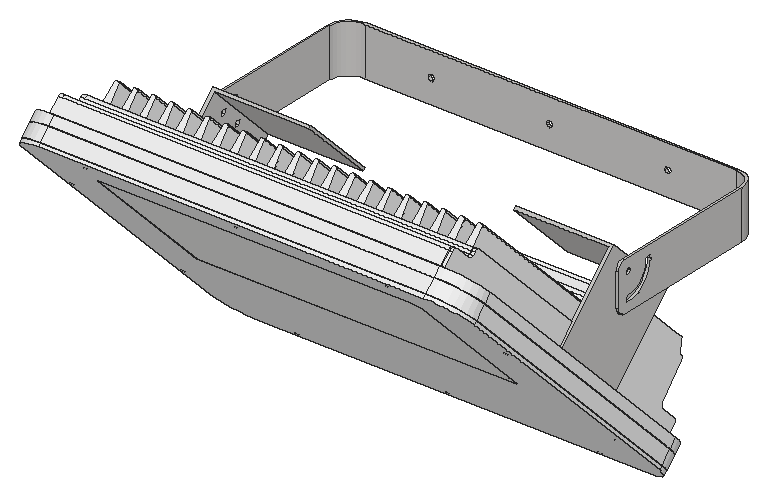
Revit family "FT ATEX LED MAX_2021", category Luminarias, Revit 2021 (continued)
Types (12, lengths in mm): name | Wattage | Power | Position | Archivo de red fotométrica | built-in parameter 1150142 | Modules | Lumens | built-in parameter 1150105 | built-in parameter 1150106 | Equiv MH
    12.49\t7204.23\t6419.625\t5636.445\t4819.635\t4048.995\t3221.925\t2373.48\t1482.57\r\n714.78\t368.22\t270.18\t225.435\t203.775\t183.255\t173.565\t157.89\t143.07\t133.665\r\n126.54\t119.13\t111.72\t103.17\t98.04\t94.62\t0\t0\t0\t0\r\n0\t0\t0\t0\t0\t0\t0\t0\t0\t0\r\n0\t0\t0\t0\t0\t0\t0\t0\t0\t0\r\n0\t0\t0\t0\t0\t0\t0\t0\t0\t0\r\n0\t0\t0\t0\t0\t0\t0\t0\t0\t0\r\n0\r\n16498.365\t16568.76\t16596.975\t16598.4\t16539.975\t16437.375\t16280.34\t16071.435\t15793.845\t15394.56\r\n14896.95\t14332.365\t13686.555\t12946.695\t12281.22\t11675.025\t11109.3\t10565.235\t10015.755\t9425.52\r\n8744.37\t7999.095\t7196.535\t6409.08\t5625.615\t4789.14\t4037.88\t3215.94\t2360.655\t1502.52\r\n726.75\t375.06\t277.02\t230.28\t207.48\t190.095\t186.675\t159.315\t145.35\t136.8\r\n128.82\t120.84\t113.715\t105.45\t99.75\t96.045\t0\t0\t0\t0\r\n0\t0\t0\t0\t0\t0\t0\t0\t0\t0\r\n0\t0\t0\t0\t0\t0\t0\t0\t0\t0\r\n0\t0\t0\t0\t0\t0\t0\t0\t0\t0\r\n0\t0\t0\t0\t0\t0\t0\t0\t0\t0\r\n0\r\n16497.795\t16570.755\t16600.11\t16598.115\t16537.41\t16442.22\t16289.175\t16083.12\t15788.145\t15394.56\r\n14901.795\t14351.745\t13703.37\t12976.335\t12309.72\t11702.1\t11135.805\t10592.025\t10034.565\t9450.315\r\n8756.055\t8025.6\t7224.18\t6415.635\t5653.26\t4815.645\t4063.815\t3251.85\t2399.415\t1539.57\r\n764.94\t384.465\t281.01\t233.13\t210.045\t192.09\t189.525\t158.745\t143.355\t135.09\r\n126.825\t119.13\t110.58\t103.17\t97.185\t94.62\t0\t0\t0\t0\r\n0\t0\t0\t0\t0\t0\t0\t0\t0\t0\r\n0\t0\t0\t0\t0\t0\t0\t0\t0\t0\r\n0\t0\t0\t0\t0\t0\t0\t0\t0\t0\r\n0\t0\t0\t0\t0\t0\t0\t0\t0\t0\r\n0\r\n16502.925\t16574.745\t16598.4\t16587.57\t16524.3\t16426.545\t16272.645\t16059.75\t15758.79\t15357.51\r\n14860.755\t14316.975\t13666.605\t12949.26\t12290.91\t11685.855\t11122.41\t10568.37\t10010.625\t9410.13\r\n8738.385\t8023.035\t7210.785\t6402.525\t5615.925\t4791.705\t4031.04\t3227.91\t2372.625\t1516.77\r\n750.405\t365.085\t274.74\t231.135\t207.195\t190.095\t181.545\t152.76\t139.365\t131.67\r\n123.405\t115.995\t108.015\t101.175\t94.905\t91.485\t0\t0\t0\t0\r\n0\t0\t0\t0\t0\t0\t0\t0\t0\t0\r\n0\t0\t0\t0\t0\t0\t0\t0\t0\t0\r\n0\t0\t0\t0\t0\t0\t0\t0\t0\t0\r\n0\t0\t0\t0\t0\t0\t0\t0\t0\t0\r\n0\r\n16502.64\t16573.89\t16602.96\t16581.3\t16523.73\t16428.255\t16269.795\t16057.755\t15746.25\t15350.1\r\n14859.33\t14312.985\t13674.015\t12967.785\t12308.01\t11698.965\t11140.365\t10575.495\t10019.745\t9429.795\r\n8748.36\t8030.73\t7231.305\t6419.91\t5631.315\t4823.91\t4052.7\t3266.67\t2411.385\t1552.68\r\n770.07\t348.555\t263.91\t226.29\t202.35\t182.115\t165.015\t143.64\t131.385\t124.26\r\n117.135\t110.295\t103.17\t95.76\t90.06\t88.065\t0\t0\t0\t0\r\n0\t0\t0\t0\t0\t0\t0\t0\t0\t0\r\n0\t0\t0\t0\t0\t0\t0\t0\t0\t0\r\n0\t0\t0\t0\t0\t0\t0\t0\t0\t0\r\n0\t0\t0\t0\t0\t0\t0\t0\t0\t0\r\n0\r\n16500.075\t16568.475\t16595.55\t16572.18\t16508.625\t16409.445\t16247.28\t16028.97\t15711.195\t15301.65\r\n14816.295\t14267.1\t13636.965\t12935.58\t12279.51\t11678.73\t11113.86\t10551.27\t9984.975\t9395.88\r\n8739.525\t8023.035\t7205.085\t6388.275\t5594.835\t4797.69\t4021.065\t3239.025\t2384.31\t1544.415\r\n747.555\t325.47\t249.945\t219.165\t196.365\t171.855\t148.485\t135.375\t127.11\t120.555\r\n114.57\t108.3\t101.745\t94.62\t88.635\t85.215\t0\t0\t0\t0\r\n0\t0\t0\t0\t0\t0\t0\t0\t0\t0\r\n0\t0\t0\t0\t0\t0\t0\t0\t0\t0\r\n0\t0\t0\t0\t0\t0\t0\t0\t0\t0\r\n0\t0\t0\t0\t0\t0\t0\t0\t0\t0\r\n0\r\n16499.79\t16568.76\t16596.975\t16576.74\t16509.48\t16409.445\t16251.27\t16031.535\t15718.32\t15301.65\r\n14812.02\t14264.82\t13636.68\t12940.14\t12290.055\t11686.425\t11123.55\t10564.665\t10000.365\t9421.245\r\n8750.07\t8038.14\t7232.16\t6405.66\t5621.91\t4824.48\t4048.71\t3272.085\t2415.375\t1586.595\r\n782.895\t321.765\t244.53\t215.745\t193.8\t167.295\t142.215\t131.67\t124.26\t117.99\r\n112.29\t105.735\t98.895\t91.77\t87.21\t84.645\t0\t0\t0\t0\r\n0\t0\t0\t0\t0\t0\t0\t0\t0\t0\r\n0\t0\t0\t0\t0\t0\t0\t0\t0\t0\r\n0\t0\t0\t0\t0\t0\t0\t0\t0\t0\r\n0\t0\t0\t0\t0\t0\t0\t0\t0\t0\r\n0\r\n16500.36\t16570.185\t16600.11\t16570.755\t16500.93\t16386.36\t16233.885\t16009.875\t15696.09\t15265.74\r\n14768.7\t14223.78\t13575.975\t12884.28\t12241.89\t11640.255\t11089.065\t10529.61\t9962.46\t9382.77\r\n8738.67\t8018.475\t7209.075\t6386.565\t5605.95\t4809.66\t4010.235\t3236.745\t2379.18\t1562.94\r\n772.92\t320.055\t243.105\t215.745\t194.37\t169.005\t144.21\t132.81\t125.115\t118.845\r\n112.86\t106.59\t99.75\t93.48\t88.635\t84.645\t0\t0\t0\t0\r\n0\t0\t0\t0\t0\t0\t0\t0\t0\t0\r\n0\t0\t0\t0\t0\t0\t0\t0\t0\t0\r\n0\t0\t0\t0\t0\t0\t0\t0\t0\t0\r\n0\t0\t0\t0\t0\t0\t0\t0\t0\t0\r\n0\r\n16499.22\t16570.755\t16601.535\t16571.61\t16490.67\t16370.685\t16223.34\t16001.61\t15679.275\t15258.33\r\n14751.6\t14196.42\t13551.465\t12868.32\t12226.5\t11639.4\t11087.64\t10536.45\t9973.86\t9391.89\r\n8736.39\t8024.175\t7231.305\t6411.075\t5628.18\t4817.07\t4022.49\t3251.85\t2403.405\t1587.735\r\n809.97\t334.305\t249.09\t218.025\t196.08\t175.845\t151.62\t137.085\t126.54\t119.13\r\n112.86\t106.59\t100.32\t93.765\t89.205\t86.07\t0\t0\t0\t0\r\n0\t0\t0\t0\t0\t0\t0\t0\t0\t0\r\n0\t0\t0\t0\t0\t0\t0\t0\t0\t0\r\n0\t0\t0\t0\t0\t0\t0\t0\t0\t0\r\n0\t0\t0\t0\t0\t0\t0\t0\t0\t0\r\n0\r\n16501.785\t16573.32\t16602.96\t16567.62\t16474.71\t16352.16\t16189.71\t15962.85\t15635.955\t15208.455\r\n14698.305\t14133.72\t13475.94\t12803.34\t12174.915\t11606.625\t11059.425\t10515.36\t9949.35\t9357.405\r\n8722.995\t8007.645\t7219.05\t6416.775\t5630.46\t4799.97\t3995.7\t3211.095\t2356.95\t1542.705\r\n781.185\t338.01\t251.94\t219.735\t198.36\t183.825\t160.455\t143.64\t131.955\t124.83\r\n117.135\t110.865\t104.88\t98.04\t92.91\t90.345\t0\t0\t0\t0\r\n0\t0\t0\t0\t0\t0\t0\t0\t0\t0\r\n0\t0\t0\t0\t0\t0\t0\t0\t0\t0\r\n0\t0\t0\t0\t0\t0\t0\t0\t0\t0\r\n0\t0\t0\t0\t0\t0\t0\t0\t0\t0\r\n0\r\n16493.52\t16562.775\t16593.84\t16559.355\t16464.735\t16330.785\t16152.375\t15922.665\t15598.62\t15175.965\r\n14673.51\t14102.655\t13438.035\t12779.4\t12166.08\t11598.93\t11058\t10521.63\t9960.18\t9379.35\r\n8717.01\t8010.21\t7225.32\t6428.175\t5661.81\t4831.89\t4025.91\t3226.2\t2366.925\t1525.32\r\n775.77\t345.42\t255.645\t220.875\t198.36\t184.68\t165.585\t147.915\t136.23\t129.105\r\n121.125\t114.285\t107.73\t100.32\t94.905\t94.335\t0\t0\t0\t0\r\n0\t0\t0\t0\t0\t0\t0\t0\t0\t0\r\n0\t0\t0\t0\t0\t0\t0\t0\t0\t0\r\n0\t0\t0\t0\t0\t0\t0\t0\t0\t0\r\n0\t0\t0\t0\t0\t0\t0\t0\t0\t0\r\n0\r\n16500.36\t16565.34\t16590.705\t16549.095\t16447.065\t16299.72\t16103.355\t15860.535\t15537.63\t15114.975\r\n14615.085\t14035.965\t13374.765\t12732.945\t12121.335\t11565.3\t11033.205\t10495.41\t9938.52\t9361.11\r\n8710.74\t7998.24\t7217.91\t6433.59\t5666.37\t4828.755\t4015.935\t3189.72\t2305.08\t1442.385\r\n722.19\t335.73\t252.225\t218.595\t196.935\t185.535\t169.005\t150.48\t139.65\t133.095\r\n125.115\t118.275\t111.435\t103.74\t98.04\t98.61\t0\t0\t0\t0\r\n0\t0\t0\t0\t0\t0\t0\t0\t0\t0\r\n0\t0\t0\t0\t0\t0\t0\t0\t0\t0\r\n0\t0\t0\t0\t0\t0\t0\t0\t0\t0\r\n0\t0\t0\t0\t0\t0\t0\t0\t0\t0\r\n0\r\n16498.935\t16559.64\t16583.01\t16537.41\t16430.82\t16268.37\t16062.6\t15811.23\t15491.46\t15062.25\r\n14576.61\t14006.61\t13350.54\t12708.15\t12108.795\t11559.315\t11024.085\t10489.995\t9952.2\t9376.215\r\n8722.425\t8008.215\t7243.275\t6466.65\t5710.83\t4876.92\t4054.125\t3219.645\t2296.815\t1407.33\r\n706.515\t339.15\t253.365\t217.455\t194.94\t178.98\t169.575\t150.195\t139.935\t132.81\r\n124.545\t117.135\t110.01\t102.885\t96.045\t98.895\t0\t0\t0\t0\r\n0\t0\t0\t0\t0\t0\t0\t0\t0\t0\r\n0\t0\t0\t0\t0\t0\t0\t0\t0\t0\r\n0\t0\t0\t0\t0\t0\t0\t0\t0\t0\r\n0\t0\t0\t0\t0\t0\t0\t0\t0\t0\r\n0\r\n16498.935\t16553.085\t16570.47\t16520.88\t16403.175\t16230.465\t16008.45\t15745.965\t15397.98\t14984.445\r\n14497.665\t13934.79\t13292.685\t12653.43\t12062.055\t11515.425\t10985.61\t10454.94\t9914.01\t9340.02\r\n8718.72\t8003.94\t7237.575\t6473.205\t5699.715\t4874.925\t4052.13\t3182.025\t2233.545\t1319.835\r\n658.065\t336.87\t251.085\t214.035\t192.945\t175.845\t167.865\t150.48\t140.505\t133.095\r\n124.83\t117.705\t110.295\t103.17\t97.185\t96.615\t0\t0\t0\t0\r\n0\t0\t0\t0\t0\t0\t0\t0\t0\t0\r\n0\t0\t0\t0\t0\t0\t0\t0\t0\t0\r\n0\t0\t0\t0\t0\t0\t0\t0\t0\t0\r\n0\t0\t0\t0\t0\t0\t0\t0\t0\t0\r\n0\r\n16500.645\t16556.79\t16562.49\t16510.905\t16386.36\t16202.25\t15968.265\t15692.67\t15338.985\t14931.15\r\n14459.19\t13900.305\t13258.2\t12640.605\t12048.66\t11503.74\t10980.48\t10451.235\t9904.89\t9351.42\r\n8718.72\t8012.205\t7256.67\t6496.575\t5726.505\t4918.53\t4101.72\t3218.79\t2249.22\t1305.3\r\n665.76\t347.7\t255.075\t214.32\t191.805\t174.135\t165.015\t149.34\t139.08\t131.385\r\n123.405\t115.71\t107.73\t100.32\t93.765\t94.62\t0\t0\t0\t0\r\n0\t0\t0\t0\t0\t0\t0\t0\t0\t0\r\n0\t0\t0\t0\t0\t0\t0\t0\t0\t0\r\n0\t0\t0\t0\t0\t0\t0\t0\t0\t0\r\n0\t0\t0\t0\t0\t0\t0\t0\t0\t0\r\n0\r\n16498.935\t16547.1\t16545.675\t16490.1\t16356.435\t16158.645\t15914.115\t15627.69\t15268.875\t14859.045\r\n14382.81\t13812.24\t13177.545\t12578.19\t11998.215\t11454.15\t10939.155\t10404.495\t9872.115\t9320.355\r\n8707.89\t7991.97\t7242.42\t6487.74\t5721.375\t4922.805\t4088.895\t3213.66\t2221.005\t1262.55\r\n642.675\t346.275\t254.22\t212.325\t192.09\t173.565\t161.595\t149.91\t139.365\t130.815\r\n123.12\t115.995\t107.73\t100.035\t94.335\t92.34\t0\t0\t0\t0\r\n0\t0\t0\t0\t0\t0\t0\t0\t0\t0\r\n0\t0\t0\t0\t0\t0\t0\t0\t0\t0\r\n0\t0\t0\t0\t0\t0\t0\t0\t0\t0\r\n0\t0\t0\t0\t0\t0\t0\t0\t0\t0\r\n0\r\n16502.355\t16542.54\t16536.27\t16473.57\t16335.63\t16134.705\t15887.895\t15594.915\t15234.39\t14821.425\r\n14340.63\t13764.075\t13131.945\t12539.145\t11983.395\t11451.3\t10930.89\t10408.2\t9876.675\t9326.055\r\n8695.065\t7993.68\t7252.965\t6502.56\t5761.56\t4960.995\t4137.345\t3254.985\t2281.425\t1313.28\r\n658.065\t355.11\t257.355\t214.035\t191.235\t173.28\t158.46\t149.625\t138.225\t130.53\r\n122.265\t114.855\t107.73\t99.18\t93.765\t92.34\t0\t0\t0\t0\r\n0\t0\t0\t0\t0\t0\t0\t0\t0\t0\r\n0\t0\t0\t0\t0\t0\t0\t0\t0\t0\r\n0\t0\t0\t0\t0\t0\t0\t0\t0\t0\r\n0\t0\t0\t0\t0\t0\t0\t0\t0\t0\r\n0\r\n16498.935\t16534.56\t16519.455\t16449.63\t16304.28\t16095.09\t15849.705\t15556.44\t15185.37\t14749.89\r\n14263.11\t13660.62\t13041.315\t12467.61\t11923.545\t11407.41\t10894.98\t10376.28\t9852.165\t9291.855\r\n8678.25\t7974.015\t7237.29\t6487.17\t5743.605\t4950.165\t4115.97\t3237.03\t2270.31\t1327.815\r\n659.49\t348.555\t255.075\t213.75\t191.805\t173.85\t162.45\t150.765\t140.505\t131.67\r\n124.83\t117.99\t110.295\t102.315\t96.045\t93.48\t0\t0\t0\t0\r\n0\t0\t0\t0\t0\t0\t0\t0\t0\t0\r\n0\t0\t0\t0\t0\t0\t0\t0\t0\t0\r\n0\t0\t0\t0\t0\t0\t0\t0\t0\t0\r\n0\t0\t0\t0\t0\t0\t0\t0\t0\t0\r\n0\r\n16502.355\t16527.15\t16504.92\t16428.825\t16278.06\t16070.58\t15835.74\t15543.045\t15168.84\t14723.955\r\n14214.09\t13600.485\t12990.585\t12429.42\t11885.925\t11388.6\t10902.105\t10385.97\t9860.715\t9302.685\r\n8662.29\t7969.455\t7238.43\t6509.685\t5766.69\t4982.085\t4150.17\t3272.37\t2342.985\t1408.47\r\n701.955\t356.82\t257.355\t215.745\t191.235\t173.85\t164.445\t149.34\t139.65\t131.1\r\n123.975\t117.99\t110.865\t103.74\t98.04\t95.19\t0\t0\t0\t0\r\n0\t0\t0\t0\t0\t0\t0\t0\t0\t0\r\n0\t0\t0\t0\t0\t0\t0\t0\t0\t0\r\n0\t0\t0\t0\t0\t0\t0\t0\t0\t0\r\n0\t0\t0\t0\t0\t0\t0\t0\t0\t0\r\n0\r\n16498.65\t16516.035\t16483.83\t16401.465\t16237.59\t16030.68\t15798.69\t15505.14\t15118.965\t14668.95\r\n14125.17\t13496.745\t12898.245\t12358.17\t11847.165\t11349.27\t10862.205\t10361.745\t9831.075\t9267.915\r\n8653.17\t7947.51\t7211.925\t6487.455\t5753.58\t4950.735\t4115.4\t3237.6\t2346.405\t1424.145\r\n709.08\t355.11\t255.075\t215.745\t192.945\t177.27\t168.435\t150.195\t139.935\t131.385\r\n124.26\t118.845\t112.86\t107.16\t101.46\t95.475\t0\t0\t0\t0\r\n0\t0\t0\t0\t0\t0\t0\t0\t0\t0\r\n0\t0\t0\t0\t0\t0\t0\t0\t0\t0\r\n0\t0\t0\t0\t0\t0\t0\t0\t0\t0\r\n0\t0\t0\t0\t0\t0\t0\t0\t0\t0\r\n0\r\n16497.225\t16509.765\t16470.72\t16378.665\t16208.235\t16003.605\t15775.605\t15478.35\t15095.31\t14628.195\r\n14060.19\t13441.455\t12855.78\t12321.69\t11819.805\t11339.865\t10857.645\t10362.6\t9839.625\t9277.605\r\n8638.635\t7947.51\t7217.055\t6487.455\t5749.59\t4965.84\t4145.04\t3260.97\t2378.04\t1498.815\r\n753.255\t365.37\t257.355\t217.74\t194.37\t181.26\t169.575\t149.625\t138.795\t130.53\r\n121.41\t115.425\t109.725\t104.025\t100.035\t92.625\t0\t0\t0\t0\r\n0\t0\t0\t0\t0\t0\t0\t0\t0\t0\r\n0\t0\t0\t0\t0\t0\t0\t0\t0\t0\r\n0\t0\t0\t0\t0\t0\t0\t0\t0\t0\r\n0\t0\t0\t0\t0\t0\t0\t0\t0\t0\r\n0\r\n16503.495\t16503.495\t16457.04\t16347.885\t16172.895\t15967.695\t15736.275\t15435.315\t15036.885\t14548.395\r\n13968.42\t13353.675\t12788.52\t12263.265\t11772.78\t11301.39\t10816.89\t10323.555\t9808.275\t9237.42\r\n8622.39\t7927.845\t7197.105\t6468.36\t5724.225\t4930.215\t4111.41\t3229.335\t2345.835\t1491.405\r\n742.71\t358.815\t253.65\t216.315\t194.94\t183.255\t164.445\t147.63\t137.37\t128.25\r\n119.13\t112.29\t106.02\t101.46\t98.61\t91.2\t0\t0\t0\t0\r\n0\t0\t0\t0\t0\t0\t0\t0\t0\t0\r\n0\t0\t0\t0\t0\t0\t0\t0\t0\t0\r\n0\t0\t0\t0\t0\t0\t0\t0\t0\t0\r\n0\t0\t0\t0\t0\t0\t0\t0\t0\t0\r\n0\r\n16500.645\t16494.375\t16435.095\t16326.225\t16140.12\t15932.925\t15694.38\t15387.15\t14987.295\t14494.53\r\n13917.405\t13306.935\t12749.475\t12236.76\t11756.535\t11289.135\t10810.335\t10315.005\t9803.43\t9242.835\r\n8606.145\t7919.865\t7201.95\t6472.35\t5738.19\t4941.9\t4136.775\t3250.14\t2366.355\t1511.925\r\n765.795\t361.38\t251.94\t214.035\t194.085\t180.405\t159.03\t141.075\t131.1\t122.265\r\n114.57\t107.73\t101.745\t96.045\t93.195\t88.065\t0\t0\t0\t0\r\n0\t0\t0\t0\t0\t0\t0\t0\t0\t0\r\n0\t0\t0\t0\t0\t0\t0\t0\t0\t0\r\n0\t0\t0\t0\t0\t0\t0\t0\t0\t0\r\n0\t0\t0\t0\t0\t0\t0\t0\t0\t0\r\n0\r\n16503.495\t16488.105\t16418.28\t16292.88\t16097.94\t15889.605\t15635.67\t15307.065\t14901.795\t14412.735\r\n13830.48\t13229.13\t12696.75\t12190.59\t11720.91\t11245.815\t10769.01\t10283.655\t9765.81\t9207.21\r\n8583.915\t7904.76\t7181.715\t6453.825\t5715.96\t4922.52\t4094.31\t3202.83\t2326.17\t1484.28\r\n735.3\t346.275\t244.53\t210.045\t192.375\t175.275\t152.76\t135.945\t127.68\t120.84\r\n114\t107.445\t100.035\t94.335\t89.49\t84.93\t0\t0\t0\t0\r\n0\t0\t0\t0\t0\t0\t0\t0\t0\t0\r\n0\t0\t0\t0\t0\t0\t0\t0\t0\t0\r\n0\t0\t0\t0\t0\t0\t0\t0\t0\t0\r\n0\t0\t0\t0\t0\t0\t0\t0\t0\t0\r\n0\r\n16503.495\t16472.715\t16395.48\t16254.69\t16050.63\t15832.32\t15555.585\t15215.01\t14797.485\t14316.975\r\n13724.745\t13150.755\t12631.485\t12131.88\t11657.64\t11189.1\t10711.155\t10223.52\t9709.95\t9148.215\r\n8527.77\t7850.325\t7134.405\t6429.6\t5671.215\t4866.66\t4033.32\t3143.835\t2259.48\t1429.275\r\n697.395\t317.205\t222.87\t192.375\t174.705\t152.475\t135.945\t119.13\t111.435\t105.165\r\n97.47\t92.625\t85.5\t79.515\t74.67\t70.68\t0\t0\t0\t0\r\n0\t0\t0\t0\t0\t0\t0\t0\t0\t0\r\n0\t0\t0\t0\t0\t0\t0\t0\t0\t0\r\n0\t0\t0\t0\t0\t0\t0\t0\t0\t0\r\n0\t0\t0\t0\t0\t0\t0\t0\t0\t0\r\n0\r\n16503.495\t16466.16\t16377.81\t16229.895\t16022.7\t15791.565\t15502.29\t15151.74\t14737.35\t14265.675\r\n13678.575\t13123.965\t12604.41\t12111.36\t11641.965\t11173.995\t10703.175\t10217.25\t9703.965\t9152.49\r\n8524.635\t7848.045\t7140.39\t6446.985\t5687.175\t4877.49\t4043.58\t3162.36\t2278.005\t1451.22\r\n719.34\t318.06\t222.87\t190.95\t173.28\t155.61\t143.64\t117.705\t109.44\t102.885\r\n95.475\t90.63\t84.36\t77.52\t73.245\t69.825\t0\t0\t0\t0\r\n0\t0\t0\t0\t0\t0\t0\t0\t0\t0\r\n0\t0\t0\t0\t0\t0\t0\t0\t0\t0\r\n0\t0\t0\t0\t0\t0\t0\t0\t0\t0\r\n0\t0\t0\t0\t0\t0\t0\t0\t0\t0\r\n0\r\n16505.205\t16455.9\t16356.435\t16195.125\t15985.08\t15736.275\t15432.465\t15074.79\t14655.84\t14188.44\r\n13600.77\t13066.11\t12553.68\t12063.195\t11597.79\t11135.235\t10666.695\t10177.635\t9670.05\t9122.565\r\n8518.08\t7830.09\t7128.705\t6425.895\t5667.795\t4856.685\t4004.82\t3123.6\t2246.37\t1403.055\r\n684.57\t310.65\t219.165\t189.525\t172.71\t155.04\t153.9\t122.835\t111.72\t104.88\r\n97.185\t90.915\t84.93\t78.66\t74.1\t69.825\t0\t0\t0\t0\r\n0\t0\t0\t0\t0\t0\t0\t0\t0\t0\r\n0\t0\t0\t0\t0\t0\t0\t0\t0\t0\r\n0\t0\t0\t0\t0\t0\t0\t0\t0\t0\r\n0\t0\t0\t0\t0\t0\t0\t0\t0\t0\r\n0\r\n16500.36\t16444.785\t16337.055\t16174.605\t15962.85\t15703.215\t15390.285\t15026.34\t14608.245\t14133.15\r\n13550.325\t13028.205\t12520.05\t12037.26\t11575.845\t11117.565\t10650.735\t10174.215\t9675.75\t9133.965\r\n8506.68\t7828.95\t7140.675\t6433.02\t5679.765\t4869.51\t4025.91\t3144.69\t2262.045\t1387.95\r\n678.87\t312.93\t219.735\t190.095\t171.57\t154.47\t158.46\t127.11\t115.425\t108.015\r\n99.18\t91.2\t84.645\t79.8\t75.525\t70.68\t0\t0\t0\t0\r\n0\t0\t0\t0\t0\t0\t0\t0\t0\t0\r\n0\t0\t0\t0\t0\t0\t0\t0\t0\t0\r\n0\t0\t0\t0\t0\t0\t0\t0\t0\t0\r\n0\t0\t0\t0\t0\t0\t0\t0\t0\t0\r\n0\r\n16502.64\t16437.09\t16320.81\t16152.945\t15935.205\t15665.595\t15338.415\t14960.22\t14540.985\t14049.075\r\n13472.52\t12956.385\t12470.745\t11988.525\t11533.38\t11083.08\t10623.66\t10148.565\t9645.825\t9102.045\r\n8493\t7817.835\t7129.56\t6415.92\t5658.96\t4843.29\t3993.99\t3120.465\t2185.665\t1305.3\r\n628.995\t304.38\t217.455\t188.385\t170.715\t154.185\t157.89\t130.53\t118.845\t112.575\r\n104.31\t96.9\t90.63\t84.645\t80.37\t72.675\t0\t0\t0\t0\r\n0\t0\t0\t0\t0\t0\t0\t0\t0\t0\r\n0\t0\t0\t0\t0\t0\t0\t0\t0\t0\r\n0\t0\t0\t0\t0\t0\t0\t0\t0\t0\r\n0\t0\t0\t0\t0\t0\t0\t0\t0\t0\r\n0\r\n16503.495\t16428.54\t16306.845\t16138.41\t15921.81\t15647.355\t15310.2\t14924.31\t14503.365\t14000.625\r\n13434.9\t12920.76\t12439.965\t11969.43\t11519.13\t11074.815\t10610.55\t10152.84\t9652.38\t9115.725\r\n8503.83\t7828.95\t7135.83\t6422.475\t5676.63\t4865.805\t4024.77\t3126.165\t2140.635\t1255.995\r\n618.165\t308.94\t220.02\t188.67\t169.86\t153.615\t150.195\t131.1\t120.27\t114.285\r\n105.165\t98.61\t91.77\t86.64\t82.365\t76.095\t0\t0\t0\t0\r\n0\t0\t0\t0\t0\t0\t0\t0\t0\t0\r\n0\t0\t0\t0\t0\t0\t0\t0\t0\t0\r\n0\t0\t0\t0\t0\t0\t0\t0\t0\t0\r\n0\t0\t0\t0\t0\t0\t0\t0\t0\t0\r\n0\r\n16504.065\t16421.985\t16292.595\t16120.17\t15905.565\t15621.135\t15265.74\t14867.88\t14439.81\t13920.825\r\n13371.63\t12866.325\t12388.38\t11931.81\t11481.795\t11040.615\t10579.77\t10124.91\t9627.015\t9095.205\r\n8499.555\t7821.54\t7120.155\t6400.53\t5651.835\t4845\t3995.7\t3049.785\t2036.04\t1155.39\r\n582.255\t306.09\t220.305\t188.1\t169.86\t154.755\t145.92\t134.52\t123.975\t117.99\r\n107.16\t99.75\t92.625\t87.21\t84.36\t77.805\t0\t0\t0\t0\r\n0\t0\t0\t0\t0\t0\t0\t0\t0\t0\r\n0\t0\t0\t0\t0\t0\t0\t0\t0\t0\r\n0\t0\t0\t0\t0\t0\t0\t0\t0\t0\r\n0\t0\t0\t0\t0\t0\t0\t0\t0\t0\r\n0\r\n16501.785\t16418.28\t16287.18\t16113.9\t15900.435\t15616.005\t15258.615\t14848.785\t14405.04\t13886.625\r\n13343.985\t12845.235\t12373.845\t11912.715\t11474.67\t11033.49\t10579.485\t10125.48\t9643.83\t9107.46\r\n8479.035\t7820.115\t7130.13\t6419.34\t5671.215\t4866.375\t4011.945\t3040.95\t2005.545\t1113.495\r\n587.67\t315.21\t224.865\t189.525\t170.715\t155.895\t145.065\t137.37\t126.54\t117.135\r\n107.445\t98.04\t89.49\t84.075\t82.365\t76.095\t0\t0\t0\t0\r\n0\t0\t0\t0\t0\t0\t0\t0\t0\t0\r\n0\t0\t0\t0\t0\t0\t0\t0\t0\t0\r\n0\t0\t0\t0\t0\t0\t0\t0\t0\t0\r\n0\t0\t0\t0\t0\t0\t0\t0\t0\t0\r\n0\r\n16497.795\t16403.46\t16271.22\t16095.09\t15881.625\t15592.35\t15223.845\t14801.475\t14355.45\t13833.9\r\n13292.115\t12799.065\t12327.39\t11874.525\t11438.475\t11003.85\t10555.26\t10103.82\t9615.615\t9090.36\r\n8488.44\t7815.555\t7113.315\t6407.655\t5649.555\t4839.015\t3972.045\t2985.945\t1933.155\t1061.055\r\n572.565\t312.36\t224.865\t190.095\t172.995\t157.89\t145.92\t140.22\t130.245\t118.56\r\n108.3\t98.61\t89.205\t82.65\t79.515\t73.245\t0\t0\t0\t0\r\n0\t0\t0\t0\t0\t0\t0\t0\t0\t0\r\n0\t0\t0\t0\t0\t0\t0\t0\t0\t0\r\n0\t0\t0\t0\t0\t0\t0\t0\t0\t0\r\n0\t0\t0\t0\t0\t0\t0\t0\t0\t0\r\n0\r\n16503.21\t16405.17\t16271.22\t16093.665\t15883.05\t15592.92\t15224.415\t14796.345\t14350.035\t13824.78\r\n13285.56\t1278
    6.525\t12321.405\t11875.95\t11437.62\t11009.55\t10561.53\t10116.645\t9632.43\t9111.45\r\n8479.89\t7823.535\t7127.565\t6423.33\t5673.495\t4860.105\t4005.96\t3023.28\t1972.2\t1087.56\r\n583.11\t320.055\t228.285\t191.805\t174.99\t160.455\t147.63\t144.21\t131.1\t116.565\r\n107.16\t96.615\t86.64\t79.8\t77.52\t72.105\t0\t0\t0\t0\r\n0\t0\t0\t0\t0\t0\t0\t0\t0\t0\r\n0\t0\t0\t0\t0\t0\t0\t0\t0\t0\r\n0\t0\t0\t0\t0\t0\t0\t0\t0\t0\r\n0\t0\t0\t0\t0\t0\t0\t0\t0\t0\r\n0\r\n16496.37\t16393.485\t16260.105\t16081.125\t15861.96\t15568.41\t15195.06\t14762.43\t14302.725\t13771.2\r\n13251.645\t12747.765\t12294.33\t11845.455\t11409.12\t10982.19\t10540.155\t10100.685\t9611.625\t9078.105\r\n8484.45\t7804.725\t7113.6\t6400.815\t5647.56\t4835.595\t3969.48\t3011.31\t1986.165\t1108.935\r\n572.85\t313.215\t226.29\t193.8\t177.84\t163.305\t152.19\t147.915\t132.81\t119.985\r\n108.015\t98.895\t90.06\t82.365\t78.66\t75.81\t0\t0\t0\t0\r\n0\t0\t0\t0\t0\t0\t0\t0\t0\t0\r\n0\t0\t0\t0\t0\t0\t0\t0\t0\t0\r\n0\t0\t0\t0\t0\t0\t0\t0\t0\t0\r\n0\t0\t0\t0\t0\t0\t0\t0\t0\t0\r\n0\r\n16506.345\t16398.9\t16261.53\t16088.25\t15868.8\t15572.115\t15200.19\t14763.855\t14301.3\t13764.93\r\n13252.215\t12763.44\t12293.475\t11849.16\t11421.375\t10994.445\t10564.095\t10109.805\t9625.59\t9088.935\r\n8485.305\t7809\t7130.985\t6411.36\t5650.98\t4860.39\t3999.405\t3070.02\t2089.05\t1193.01\r\n600.78\t322.05\t230.565\t198.075\t181.26\t166.44\t163.02\t150.48\t132.81\t121.125\r\n109.725\t100.035\t91.2\t84.075\t80.655\t77.805\t0\t0\t0\t0\r\n0\t0\t0\t0\t0\t0\t0\t0\t0\t0\r\n0\t0\t0\t0\t0\t0\t0\t0\t0\t0\r\n0\t0\t0\t0\t0\t0\t0\t0\t0\t0\r\n0\t0\t0\t0\t0\t0\t0\t0\t0\t0\r\n0\r\n16499.22\t16387.215\t16249.275\t16078.275\t15854.55\t15547.32\t15169.695\t14734.785\t14268.24\t13726.74\r\n13216.875\t12731.805\t12274.95\t11826.645\t11405.985\t10980.195\t10544.145\t10098.12\t9602.505\t9064.14\r\n8474.19\t7804.44\t7111.605\t6397.68\t5621.91\t4829.04\t3970.62\t3066.885\t2113.275\t1228.35\r\n606.765\t320.625\t231.42\t202.92\t186.39\t171.855\t178.98\t150.48\t134.805\t124.26\r\n112.575\t104.025\t95.475\t88.635\t84.93\t83.22\t0\t0\t0\t0\r\n0\t0\t0\t0\t0\t0\t0\t0\t0\t0\r\n0\t0\t0\t0\t0\t0\t0\t0\t0\t0\r\n0\t0\t0\t0\t0\t0\t0\t0\t0\t0\r\n0\t0\t0\t0\t0\t0\t0\t0\t0\t0\r\n0\r\n16498.365\t16386.93\t16251.27\t16076.85\t15855.405\t15547.035\t15162.285\t14733.93\t14273.085\t13733.865\r\n13227.135\t12739.785\t12276.09\t11848.875\t11421.375\t10996.44\t10563.24\t10115.22\t9617.04\t9088.365\r\n8482.17\t7809.285\t7129.845\t6406.515\t5639.01\t4831.89\t3989.715\t3089.685\t2181.96\t1300.74\r\n638.685\t331.17\t237.12\t207.765\t190.95\t179.835\t192.375\t151.05\t133.95\t124.26\r\n113.715\t105.735\t97.185\t90.06\t87.21\t84.93\t0\t0\t0\t0\r\n0\t0\t0\t0\t0\t0\t0\t0\t0\t0\r\n0\t0\t0\t0\t0\t0\t0\t0\t0\t0\r\n0\t0\t0\t0\t0\t0\t0\t0\t0\t0\r\n0\t0\t0\t0\t0\t0\t0\t0\t0\t0\r\n0\r\n16497.795\t16384.935\t16247.565\t16072.005\t15843.15\t15525.09\t15132.645\t14707.71\t14253.705\t13719.615\r\n13208.61\t12720.405\t12262.41\t11834.625\t11413.965\t10989.885\t10555.545\t10106.1\t9609.915\t9067.845\r\n8475.33\t7804.725\t7117.875\t6387.42\t5599.68\t4789.425\t3947.535\t3056.91\t2142.915\t1280.505\r\n630.135\t323.19\t233.985\t209.475\t192.375\t183.54\t188.955\t147.915\t131.67\t122.835\r\n112.575\t104.88\t96.045\t89.205\t86.925\t84.36\t0\t0\t0\t0\r\n0\t0\t0\t0\t0\t0\t0\t0\t0\t0\r\n0\t0\t0\t0\t0\t0\t0\t0\t0\t0\r\n0\t0\t0\t0\t0\t0\t0\t0\t0\t0\r\n0\t0\t0\t0\t0\t0\t0\t0\t0\t0\r\n0\r\n16502.925\t16388.64\t16254.69\t16081.41\t15846.285\t15523.665\t15134.355\t14711.985\t14263.965\t13739.565\r\n13228.845\t12741.495\t12284.64\t11857.425\t11430.78\t11003.85\t10569.51\t10120.92\t9620.745\t9088.365\r\n8475.615\t7810.14\t7127.85\t6399.96\t5623.05\t4803.96\t3966.06\t3078.855\t2175.12\t1307.58\r\n636.12\t315.21\t228.855\t207.195\t188.67\t179.55\t172.14\t140.22\t123.975\t114\r\n104.31\t97.185\t89.205\t83.79\t82.65\t78.09\t0\t0\t0\t0\r\n0\t0\t0\t0\t0\t0\t0\t0\t0\t0\r\n0\t0\t0\t0\t0\t0\t0\t0\t0\t0\r\n0\t0\t0\t0\t0\t0\t0\t0\t0\t0\r\n0\t0\t0\t0\t0\t0\t0\t0\t0\t0\r\n0\r\n16502.64\t16387.785\t16252.98\t16077.705\t15834.03\t15507.705\t15117.255\t14702.295\t14256.27\t13728.165\r\n13222.575\t12738.36\t12277.23\t11854.29\t11423.94\t10995.585\t10560.96\t10101.825\t9604.785\t9065.565\r\n8469.915\t7797.885\t7101.345\t6376.875\t5599.395\t4769.19\t3932.43\t3040.095\t2144.625\t1283.355\r\n602.49\t289.56\t217.455\t199.215\t181.26\t169.005\t148.485\t127.395\t113.715\t105.165\r\n97.755\t92.34\t86.64\t80.94\t78.09\t73.53\t0\t0\t0\t0\r\n0\t0\t0\t0\t0\t0\t0\t0\t0\t0\r\n0\t0\t0\t0\t0\t0\t0\t0\t0\t0\r\n0\t0\t0\t0\t0\t0\t0\t0\t0\t0\r\n0\t0\t0\t0\t0\t0\t0\t0\t0\t0\r\n0\r\n16500.075\t16384.65\t16253.265\t16086.54\t15838.305\t15515.4\t15130.08\t14719.11\t14281.635\t13758.945\r\n13247.94\t12760.59\t12298.89\t11868.825\t11445.315\t11014.68\t10574.64\t10122.06\t9623.31\t9084.375\r\n8478.18\t7804.44\t7106.475\t6383.145\t5610.225\t4782.585\t3948.675\t3064.89\t2182.245\t1317.555\r\n611.04\t278.445\t208.05\t192.66\t173.565\t152.475\t130.245\t115.425\t105.735\t99.465\r\n93.48\t89.49\t82.365\t77.52\t75.525\t71.25\t0\t0\t0\t0\r\n0\t0\t0\t0\t0\t0\t0\t0\t0\t0\r\n0\t0\t0\t0\t0\t0\t0\t0\t0\t0\r\n0\t0\t0\t0\t0\t0\t0\t0\t0\t0\r\n0\t0\t0\t0\t0\t0\t0\t0\t0\t0\r\n0" | "8" | 26800 lm | 2132.7 (stored number, unit not read) | 21.327 (stored number, unit not read) | 400 W
